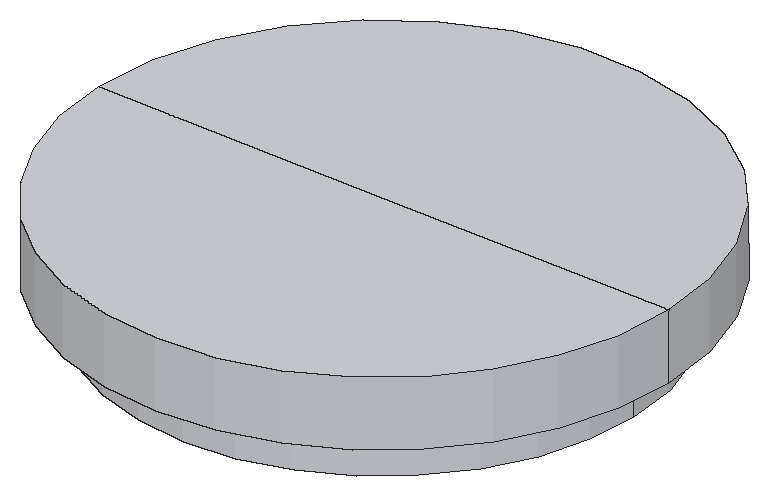
Revit family "0043514", category Lighting Fixtures, host Face, Revit 2017
Family settings
  Host = Face
  Round Connector Dimension = Use Diameter
  Part Type = Normal
  OmniClass Number = 23.80.70.00
  OmniClass Title = Lighting
  Cut with Voids When Loaded = No
  Light Source = Yes
  Shared = No
  Room Calculation Point = No
Parameters (values of type "0043514_3000K START SURF SLIM IP54 R 1900 2CCT D MW WH")
  Weight = "kg"
  Wattage Comments = ""
  Wattage = 18 W
  WarrantyStartDate [instance] = "n/a"
  WarrantyGuarantorParts = "n/a"
  WarrantyDurationUnit = "n/a"
  WarrantyDurationParts = "n/a"
  WarrantyDescription = "n/a"
  built-in parameter 1150110 = 1 (stored number, unit not read)
  Voltage = 0 V
  URL = "http://www.sylvania-lighting.com"
  TypeName = "START SURFACE SLIM IP54 ROUND 1900LM 2CCT D MW WH"
  Type Image = <None>
  Type Comments = "n/a"
  built-in parameter 1114217 = 1 (stored number, unit not read)
  Tilt Angle = -90.00°
  built-in parameter 1150109 = 1 (stored number, unit not read)
  built-in parameter 1150134 = 12
  built-in parameter 1150113 = 1 (stored number, unit not read)
  SerialNumber [instance] = "n/a"
  Photometric Web File = "0043514_3000K.IES"
  Material_3_SYL = none
  PowerFactor = 0.9
  PowerConsumption = "18 W"
  NominalLength = 280 mm
  NominalHeight = 53 mm
  NominalDepth = 280 mm
  Name = "START SURFACE SLIM IP54 ROUND 1900LM 2CCT D MW WH"
  ModelReference = Name  # "START SURFACE SLIM IP54 ROUND 1900LM 2CCT D MW WH"
  ModelNumber = "0043514"
  Model = Name  # "START SURFACE SLIM IP54 ROUND 1900LM 2CCT D MW WH"
  Material = "pc polycarbonate housing, pc polycarbonate diffuser"
  ManufacturerName = "Feilo Sylvania"
  Manufacturer = "Feilo Sylvania"
  LuminousEfficacy = "95 lm/W"
  built-in parameter 1150105 = 541.37 (stored number, unit not read)
  Lumens = 1710 lm
  LuminaireType = ""
  built-in parameter 1150115 = 1 (stored number, unit not read)
  LightOutputRatio = "n/a"
  built-in parameter 1150137 = (empty or 0)
  built-in parameter 1150139 = (empty or 0)
  LampsType = Lamp  # "LED"
  LampNominalLuminous = "1900 lm"
  LampMacAdamStep = "3"
  LampColourTemperature = "3000 K"
  LampColourRenderingIndex = "80"
  built-in parameter 1150112 = 1 (stored number, unit not read)
  built-in parameter 1150114 = 1 (stored number, unit not read)
  Lamp = "LED"
  LUM_R_SYL = if([00_220_SYL], 110 mm, if([00_280_SYL], 140 mm, if([00_330_SYL], 165 mm, 200 mm)))  # 140 mm
  LUM_R2_SYL = if([00_220_SYL], 94 mm, if([00_280_SYL], 123 mm, if([00_330_SYL], 148 mm, 183 mm)))  # 123 mm
  LUM_H_SYL = 53 mm
  LUM_H2_SYL = 32 mm
  Keynote = "16500"
  InstallationDate [instance] = "n/a"
  InputVoltage = "n/a"
  InputNominalFrequency = "n/a"
  built-in parameter 1150132 = (empty or 0)
  built-in parameter 1150102 = (empty or 0)
  built-in parameter 1150107 = 4000 (stored number, unit not read)
  built-in parameter 1150138 = (empty or 0)
  IngressProtection = "IP54"
  ImpactProtectionIndex = "IK07"
  built-in parameter 1150106 = 5.4137 (stored number, unit not read)
  IfcExportType = "IfcLightFixtureType"
  IfcExportAs = "IfcLightFixtureType"
  Emit from Circle Diameter = 609.6 mm
  Emit Shape Visible in Rendering = no
  ElectricShockClassification = "Class II"
  built-in parameter 1150104 = 8.8258 (stored number, unit not read)
  DocumentationLiterature = "http://www.sylvania-lighting.com/product/en-int/products/0043514"
  DimmingControlOptions = "n/a"
  Material_2_SYL = none
  Dimming Lamp Color Temperature Shift = <None>
  Description = "Ceiling / wall round luminaire with integrated LED. Perfect solution for corridors, circulation areas or bathrooms. Even and uniform light in a slim but robust design. Power W, lumen output  lumens, lumen efficacy  lm/W, dual color temperature (3000K/4000K). Supplied with phase dimming driver (leading edge/trailing edge). Mains Voltage . Body Size: mm diameter x mm height. ,  Protection rating.   diffuser.Low maintenance with  hours LED life expectancy. Warranty: 3 years."
  Default Elevation = 1219.2 mm
  CreatedOn = "3/17/2021"
  CreatedBy = "@sylvania-lighting.com"
  Cost = 0
  Color Filter = 16777215
  built-in parameter 1114216 [instance] = (empty or 0)
  ClassificationValue = "EF_70_80"
  ClassificationName = "Uniclass2015"
  Material_1_SYL = none
  BarCode [instance] = "n/a"
  built-in parameter 1114218 = 1 (stored number, unit not read)
  built-in parameter 1150133 = 10 (stored number, unit not read)
  AssetType = "Fixed"
  AssetIdentifier [instance] = "n/a"
  Assembly Code = "D5020200"
  Apparent Load = 18 VA
  Material_4_SYL = none
  00_400_SYL = no
  00_330_SYL = no
  00_280_SYL = yes
  00_220_SYL = no
Types (2, lengths in mm): name | Photometric Web File | LampColourTemperature
  0043514_3000K START SURF SLIM IP54 R 1900 2CCT D MW WH | "0043514_3000K.IES" | "3000 K"
  0043514_4000K START SURF SLIM IP54 R 1900 2CCT D MW WH | "0043514_4000K.ies" | "4000 K"
Reference planes
  plane 1 "Center (Front/Back)": y = 0
  plane 2: z = 0
  plane 3 "Center (Left/Right)": x = 0
  plane 4: x = 140
  plane 5: x = -140
  plane 6: z = -53
  plane 7: z = -32
  plane 8: x = -123
  plane 9: x = 123
Forms (mm)
  Revolve 1, solid
    sketch origin (0, 0, 0) x (1, 0, 0) y (0, 0, 1)
      loop
        line (0, 0) -> (-140, 0) -> (-140, -32) -> (-123, -32) -> (-123, -53) -> (0, -53) -> (0, 0)
      axis (0, -53) -> (0, 0)
    angle from 360 to 0
Dimensions and locks
  "LUM_R_SYL": plane 4 to plane 3 "Center (Left/Right)" to plane 5
  "LUM_R2_SYL": plane 9 to plane 3 "Center (Left/Right)" to plane 8
  "LUM_H_SYL": host face to plane 6
  "LUM_H2_SYL": host face to plane 7
  aligned and locked: plane 2 to host face
  aligned and locked: level to host face
Automatic sketch dimensions
  host sketch curve to host sketch curve = 2438.4 mm  (x2)
  Revolve 1 sketch curve to plane 5 = 0 mm
  Revolve 1 sketch curve to plane 7 = 0 mm
  Revolve 1 sketch curve to plane 8 = 0 mm
  Revolve 1 sketch curve to plane 3 "Center (Left/Right)" = 0 mm
  Revolve 1 sketch curve to plane 6 = 0 mm
  Revolve 1 sketch curve to level = 0 mm
Connectors
  electrical at (0, 0, -53)
    settings: on Revolve 1, index 1, voltage 0 V, apparent load 0 VA, apparent load phase1 0 VA, apparent load phase2 0 VA, apparent load phase3 0 VA, power factor 1, load classification "Other", number of poles 1, system type 31, power factor state 1, is connector primary yes, connector utility no, sub classification motor no, connector description ""
